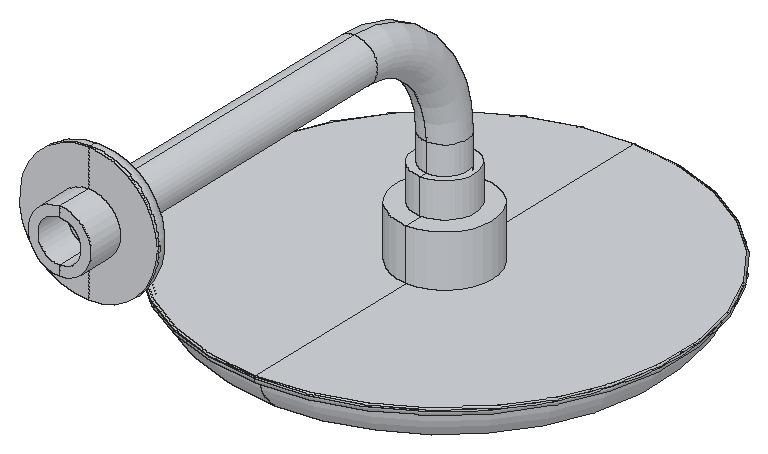
Revit family "LQ4010001_Regadera con Brazo Liquid", category Plumbing Fixtures, host Wall, Revit 2019
Family settings
  Host = Wall
  Round Connector Dimension = Use Diameter
  Part Type = Normal
  OmniClass Number = 23.31.15.11
  OmniClass Title = Bath Shower Units
  Always vertical = Yes
  Cut with Voids When Loaded = No
  Shared = No
  Room Calculation Point = No
Parameters (values of type "Type 1")
  Uso = "Residencial"  # constant formula
  URL = "https://corona.co/productos/griferias/regadera-con-brazo-liquid/p/LQ4010001"
  Tipo de regadera = "Diámetro amplio, regadera con brazo"  # constant formula
  Tipo de manija/accionamiento = "Palanca"  # constant formula
  Tipo de grifería = "Monocontrol"  # constant formula
  Tipo de chorro = "Tipo lluvia"  # constant formula
  Temperatura de uso = "Entre 5˚C y 71˚C"  # constant formula
  Tecnologías = "EcoStream"  # constant formula
  Tecnología = "DuraCrome"  # constant formula
  Resistencia = "Resistente a la corrosión pelado y decoloración por agua"  # constant formula
  Rango de presión de agua = "Entre 20 y 125 psi"  # constant formula
  Productos compatibles = "Mezcladores 8 pulgadas, mezcladores monocontrol con desviador, mezcladores monocontrol sin desviador, registros para ducha"  # constant formula
  Materiales = "Polímero de alta ingeniería, Metal"  # constant formula
  Material = Corona_Plastico_Cromado
  Línea = "Liquid"  # constant formula
  Longitud del brazo = "41.5"  # constant formula
  Largo = "41.5 cm"  # constant formula
  Incluye = "Regadera, brazo de la regadera"  # constant formula
  Garantías de otros componentes = "5 años en acabados"  # constant formula
  Garantía = "30 años en estructura"  # constant formula
  Forma = "Redondo"  # constant formula
  Fecha de creación = "21/07/2020"  # constant formula
  Dimensión de la regadera = "24.1"  # constant formula
  Description = "Pide hoy mismo la regadera Liquid. Con tecnología de ahorro de agua que minimiza el derroche, ofreciendo un mayor rendimiento sin sacrificar el confort en la ducha. Disfruta de una relajación completa."  # constant formula
  Creado por = "IDD"  # constant formula
  Consumo de agua = "9.5 lt"  # constant formula
  Colección = "Liquid"  # constant formula
  Capacidad de flujo = "9.50 l/m máximo a 80 psi"  # constant formula
  Ancho = "24.1 cm"  # constant formula
  Altura ducha = 1800 mm
  Alto = "16.5 cm"  # constant formula
Reference planes
  plane 1: y = 0
  plane 2 "Center (Left/Right)": x = 125
  plane 3 "Back": y = 75
  plane 4: z = 900
  plane 5: z = 1800
Text (mm)
  text "Placement side" at (-1787.139, 592.35, 0), in view "Ref. Level"
  text "Placement side" at (0, 1827.695, 2917.686), in view "Left"
  text "Placement side" at (0, 562.268, 3853.606), in view "Right"
Dimensions and locks
  locked: plane 3 "Back" to host wall at 0
  "Altura ducha": level to plane 5
  level to plane 4 = 900 mm
  aligned and locked: host wall to plane 1
  aligned and locked: nested 1 to plane 5
Nested families
  nested 1: "LIQUID" at (125, 75, 1800), type "LIQUID"
Definition of nested family "LIQUID"
  Parameters (values of type "LIQUID")
    Material = none
  Reference planes
    plane 1 "Center (Front/Back)": y = 0
    plane 2: z = 0
    plane 3 "Center (Left/Right)": x = 0
    plane 4: x = -120
    plane 5: x = 120
    plane 6: z = 0
  Forms (mm)
    Revolve 1, solid, detail levels medium+fine
      sketch origin (0, 0, 0) x (0, 1, 0) y (0, 0, 1)
        loop
          line (0, 36.762) -> (-1.448, 36.762)
          arc (-1.448, 36.762) -> (-8.519, 33.833) -> (-11.448, 26.762) r 10
          line (-11.448, 26.762) -> (-11.448, 0) -> (0, 0) -> (0, 36.762)
        axis (0, 0) -> (-11.448, 0)
      angle from 0 to 360
    Revolve 2, solid, detail levels medium+fine
      sketch origin (0, 0, 0) x (0, 1, 0) y (0, 0, 1)
        loop
          line (19.414, 16.774) -> (0, 16.774) -> (0, 11.46) -> (19.414, 11.46) -> (19.414, 16.774)
        axis (19.414, 0) -> (0, 0)
      angle from 0 to 360
    Sweep 3, solid, detail levels medium+fine
      path origin (0, 0, 0) x (0, 1, 0) y (0, 0, 1)
        loop
          line (-8.06, 0) -> (-178.06, 0)
          arc (-178.06, 0) -> (-220.487, -17.574) -> (-238.06, -60) r 60
          line (-238.06, -60) -> (-238.06, -128.134)
      profile origin (0, -93.06, 0) x (0, 0, -1) y (1, 0, 0)
        loop
          circle (0, 0) r 12
    Revolve 4, solid, detail levels medium+fine
      sketch origin (0, 0, 23.125) x (0, 1, 0) y (0, 0, 1)
        loop
          line (-238.06, -116.884) -> (-221.782, -116.884) -> (-221.782, -98.134) -> (-238.06, -98.134) -> (-238.06, -116.884)
        axis (-238.06, -98.134) -> (-238.06, -116.884)
      angle from 0 to 360
    Revolve 5, solid, detail levels medium+fine
      sketch origin (0, 0, 3.777) x (0, 1, 0) y (0, 0, 1)
        loop
          line (-238.06, -130.009) -> (-212.407, -130.009) -> (-212.407, -98.134) -> (-238.06, -98.134) -> (-238.06, -130.009)
        axis (-238.06, -98.134) -> (-238.06, -130.009)
      angle from 0 to 360
    Revolve 6, solid, detail levels medium+fine
      sketch origin (0, 0, 30) x (0, 1, 0) y (0, 0, 1)
        loop
          line (-238.06, -176.232) -> (-238.06, -151.884) -> (-364.651, -151.884)
          arc (-364.651, -151.884) -> (-365.055, -152.051) -> (-365.222, -152.455) r 0.571
          line (-365.222, -152.455) -> (-365.222, -153.354)
          arc (-365.222, -153.354) -> (-364.379, -155.389) -> (-362.345, -156.232) r 2.878
          line (-362.345, -156.232) -> (-361.475, -156.232)
          arc (-361.475, -156.232) -> (-353.302, -170.562) -> (-337.81, -176.232) r 24
          line (-337.81, -176.232) -> (-238.06, -176.232)
        axis (-238.06, -151.884) -> (-238.06, -176.232)
      angle from 0 to 360
    Extrusion 7, solid, detail levels coarse
      sketch origin (0, 0, 0) x (1, 0, 0) y (0, 1, 0)
        loop
          line (-127.5, 19.414) -> (-127.5, -366.552) -> (127.5, -366.552) -> (127.5, 19.414) -> (-127.5, 19.414)
      from -145.662 to 38.666
  Dimensions and locks
    equal spacing: plane 4, plane 3 "Center (Left/Right)", plane 5
    plane 4 to plane 5 = 240 mm
    aligned and locked: level to plane 2
    aligned and locked: plane 1 "Center (Front/Back)" to Revolve 1
    aligned and locked: plane 1 "Center (Front/Back)" to Revolve 2 sketch curve
  Automatic sketch dimensions
    Revolve 1 sketch curve to level = 0 mm  (x2)
    Revolve 1 sketch curve to plane 1 "Center (Front/Back)" = 0 mm
    plane 1 "Center (Front/Back)" to Revolve 1 sketch curve = 1.448 mm
    Revolve 1 sketch curve to Revolve 1 sketch curve = 10 mm
    level to Revolve 1 sketch curve = 26.762 mm
    Revolve 1 sketch curve to Revolve 1 sketch curve = 53.552 mm
    Revolve 1 sketch curve to Revolve 1 sketch curve = 15 mm
    Revolve 2 sketch curve to level = 0 mm
    Revolve 2 sketch curve to plane 1 "Center (Front/Back)" = 19.414 mm
    level to Revolve 2 sketch curve = 11.46 mm
    Revolve 2 sketch curve to Revolve 2 sketch curve = 5.314 mm
    plane 1 "Center (Front/Back)" to Revolve 2 sketch curve = 69.831 mm
    Revolve 2 sketch curve to Revolve 2 sketch curve = 65.755 mm
    Sweep 3 sketch curve to plane 3 "Center (Left/Right)" = 0 mm
    Sweep 3 sketch curve to profile plane = 0 mm
    Revolve 4 sketch curve to level = 93.759 mm
    plane 1 "Center (Front/Back)" to Revolve 4 sketch curve = 238.06 mm
    Revolve 4 sketch curve to Revolve 4 sketch curve = 16.278 mm
    Revolve 4 sketch curve to Revolve 4 sketch curve = 18.75 mm
    Revolve 4 sketch curve to Revolve 4 sketch curve = 0 mm
    Revolve 4 sketch curve to Revolve 4 sketch curve = 3.81 mm
    Revolve 4 sketch curve to Revolve 4 sketch curve = 1.17 mm
    plane 1 "Center (Front/Back)" to Revolve 5 sketch curve = 238.06 mm
    Revolve 5 sketch curve to Revolve 5 sketch curve = 25.653 mm
    Revolve 5 sketch curve to level = 126.232 mm
    Revolve 5 sketch curve to Revolve 5 sketch curve = 31.875 mm
    Revolve 5 sketch curve to Revolve 5 sketch curve = 0 mm
    Revolve 5 sketch curve to Revolve 5 sketch curve = 9.315 mm
    Revolve 5 sketch curve to Revolve 5 sketch curve = 1.17 mm
    plane 1 "Center (Front/Back)" to Revolve 6 sketch curve = 365.222 mm
    Revolve 6 sketch curve to Revolve 6 sketch curve = 0.571 mm
    Revolve 6 sketch curve to Revolve 6 sketch curve = 2.306 mm
    Revolve 6 sketch curve to Revolve 6 sketch curve = 0.87 mm
    Revolve 6 sketch curve to Revolve 6 sketch curve = 23.664 mm
    Revolve 6 sketch curve to Revolve 6 sketch curve = 99.75 mm
    Revolve 6 sketch curve to level = 146.232 mm
    Revolve 6 sketch curve to Revolve 6 sketch curve = 20 mm
    Revolve 6 sketch curve to Revolve 6 sketch curve = 0.899 mm
    Revolve 6 sketch curve to Revolve 6 sketch curve = 0 mm
    Revolve 6 sketch curve to Revolve 6 sketch curve = 40 mm
    Revolve 6 sketch curve to Revolve 6 sketch curve = 10 mm
    Sweep 3 sketch curve to level = 0 mm
    Sweep 3 sketch curve to level = 60 mm
    plane 1 "Center (Front/Back)" to Sweep 3 sketch curve = 238.06 mm
    plane 1 "Center (Front/Back)" to Sweep 3 sketch curve = 8.06 mm
    Sweep 3 sketch curve to Sweep 3 sketch curve = 68.134 mm
    plane 4 to Extrusion 7 sketch curve = 7.5 mm
    plane 5 to Extrusion 7 sketch curve = 7.5 mm
    Extrusion 7 sketch curve to plane 1 "Center (Front/Back)" = 19.414 mm
    plane 1 "Center (Front/Back)" to Extrusion 7 sketch curve = 366.552 mm
    radius of Sweep 3 sketch curve = 12 mm
  Nested families
    nested 1: "Family7" at (0, 0, 0) x (1, 0, 0) z (0, -1, 0), type "Family7"
    nested 2: "Family8" at (0, 0, 0) x (0, -1, 0) z (1, 0, 0), type "Family8"
    nested 3: "Family9" at (0, 0, 0), type "Family9"
  Definition of nested family "Family7"
    Reference planes
      plane 1 "Center (Front/Back)": y = 0
      plane 2: z = 0
      plane 3 "Center (Left/Right)": x = 0
  Definition of nested family "Family8"
    Reference planes
      plane 1 "Center (Front/Back)": y = 0
      plane 2: z = 0
      plane 3 "Center (Left/Right)": x = 0
  Definition of nested family "Family9"
    Reference planes
      plane 1 "Center (Front/Back)": y = 0
      plane 2: z = 0
      plane 3 "Center (Left/Right)": x = 0
